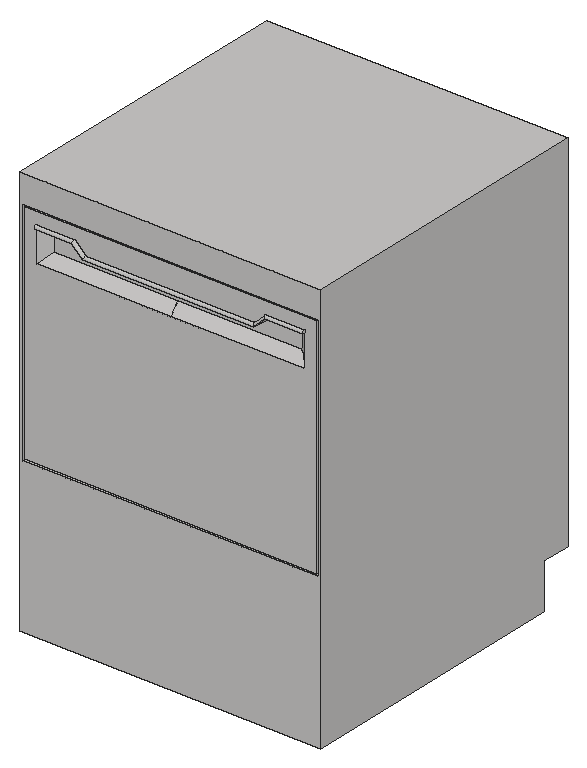
Revit family "QF_ELECTROLUXPROFESSIONAL_502703_ELAI3", category Specialty Equipment, Revit 2018
Family settings
  Round Connector Dimension = Use Diameter
  Part Type = Normal
  Work Plane-Based = No
  Always vertical = Yes
  Cut with Voids When Loaded = No
  Shared = No
  Room Calculation Point = No
Parameters
  Weight = 62.00 kg
  Watts = 0 W
  Volts = 0 V
  URL Manufacturer = ""
  URL = "http://professional.electrolux.com/"
  Steam Supply Size = 0 mm
  Steam Supply Minimum Pressure = 0.0 Pa
  Steam Supply Maximum Pressure = 0.0 Pa
  Steam Pounds per Hour = 0
  Show Logo [instance] = yes
  Show Clearance [instance] = yes
  Refrigeration Suction Line Size = 0 mm
  Refrigeration Liquid Line Size = 0 mm
  Refrigerant Compressor Remote = yes
  Manufacturer = ""
  Phase = 0
  Model = ""
  Length Actual = 600 mm  # constant formula
  Item Number = ""
  Hot Water Size = 0 mm
  Height Actual = 820 mm  # constant formula
  HP = "7.2 HP"
  Gas Size = 0 mm
  Gas KW = 0
  Gas Input Pressure = 0 W
  Direct Waste Size = 40 mm
  Description = ""
  Depth Actual = 615 mm  # constant formula
  Cycle = 0 Hz
  Condensate Return Size = 0 mm
  Compressed Air Volume = 0.0 L/s
  Compressed Air Size = 0 mm
  Compressed Air Pressure = 0.0 Pa
  Cold Water Size = 0 mm
  Accessory = yes
Types (2, lengths in mm): name | Volts | URL Manufacturer | URL | Manufacturer | Phase | Model | Item Number | Hot Water Size | Description | Cycle
  (no name) | 0 V | "" | "http://professional.electrolux.com/" | "" | 0 | "" | "" | 0 | "" | 0 Hz
  Standard | 400 V | "http://professional.electrolux.com" | "http://professional.electrolux.com" | "Electrolux Professional" | 3 | "ELAI3" | "502703" | 19.05 | "UNDERCOUNTER(L), WASH-SAFE, DOUBLE SKIN, 3PH, 720D/H" | 50 Hz
Reference planes
  plane 1 "Center (Front/Back)": y = 0
  plane 2: z = 0
  plane 3 "Center (Left/Right)": x = 0
  plane 4 "LEFT": x = -300
  plane 5 "RIGHT": x = 300
  plane 6 "FRONT": y = -307.5
  plane 7 "BACK": y = 307.5
  plane 8: z = 830
  plane 9: z = 10
  plane 10: y = 268.5
Forms (mm)
  Extrusion 1, solid, material "QF_Finishes_Stainless Steel"
    sketch origin (0, 0, 0) x (1, 0, 0) y (0, 1, 0)
      loop
        line (-300, -307.5) -> (300, -307.5) -> (300, 249.5) -> (-300, 249.5) -> (-300, -307.5)
    from 10 to 830
  Extrusion 2, solid, material "QF_Finishes_Stainless Steel"
    sketch origin (0, 0, 0) x (1, 0, 0) y (0, 1, 0)
      loop
        line (-300, 249.5) -> (300, 249.5) -> (300, 307.5) -> (-300, 307.5) -> (-300, 249.5)
    from 100 to 830
  Extrusion 3, solid, material "QF_Finishes_Stainless Steel"
    sketch origin (0, 0, 0) x (1, 0, 0) y (0, 1, 0)
      loop
        circle (-254, 193.5) r 12.5
      loop
        circle (254, 193.5) r 12.5
      loop
        circle (-254, -237.5) r 12.5
      loop
        circle (254, -237.5) r 12.5
    from 0 to 10
  Extrusion 4, void
    sketch origin (-300, -307.5, 0) x (-1, 0, 0) y (0, 0, 1)
      loop
        line (-5, 773.217) -> (-595, 773.217) -> (-595, 315.188) -> (-5, 315.188) -> (-5, 773.217)
    from 0 to 30
  Extrusion 5, solid, material "QF_Finishes_Stainless Steel"
    sketch origin (-274, -411, 733) x (0, 0, -1) y (1, 0, 0)
      loop
        circle (693, 143) r 10
    from -660.5 to -718.5
  Extrusion 6, solid, material "QF_Door-Drawer Clearances", visible <- "Show Clearance", detail levels coarse
    sketch origin (-230, -282.5, 0) x (0, 1, 0) y (0, 0, -1)
      loop
        line (-25, -319.312) -> (-397, -319.312)
        arc (-397, -319.312) -> (-298.139, -616.581) -> (-25, -770) r 434.302
        line (-25, -770) -> (-25, -319.312)
    from 61.225 to -521.647
  Extrusion 7, solid, material "QF_Finishes_Stainless Steel"
    sketch origin (-331.481, -411, 703) x (0, 0, -1) y (1, 0, 0)
      loop
        circle (663, 252.481) r 8
    from -660.5 to -718.5
  Extrusion 8, solid, material "QF_Finishes_Stainless Steel"
    sketch origin (-230, -282.5, 0) x (0, 1, 0) y (0, 0, -1)
      loop
        line (-25, -319.312) -> (-25, -770) -> (0, -770) -> (0, -319.312) -> (-25, -319.312)
    from 61.225 to -521.647
  Extrusion 9, solid, material "QF_Finishes_Stainless Steel"
    sketch origin (-301, 942.75, 760.5) x (0, -1, 0) y (1, 0, 0)
      loop
        circle (663, 158) r 8
    from -660.5 to -670.5
  Blend 10, void
    base sketch origin (-230, -307.5, 770) x (0, 0, -1) y (1, 0, 0)
      loop
        line (93.563, -37.311) -> (93.563, 230) -> (93.563, 497.311) -> (28.563, 497.311) -> (28.563, 422.311) -> (49.776, 401.098) -> (49.776, 230) -> (49.776, 58.902) -> (28.563, 37.689) -> (28.563, -37.311) -> (93.563, -37.311)
    top sketch origin (-230, -307.5, 770) x (0, 0, -1) y (1, 0, 0)
      loop
        line (73.563, -17.311) -> (73.563, 230) -> (73.563, 477.311) -> (31.063, 477.311) -> (31.063, 422.311) -> (52.276, 401.098) -> (52.276, 58.902) -> (31.063, 37.689) -> (31.063, -17.311) -> (73.563, -17.311)
    from 0 to -19.433
  Sweep 11, solid, material "QF_Finishes_Stainless Steel"
    path origin (-230, -307.5, 770) x (0, 0, -1) y (1, 0, 0)
      loop
        line (28.563, -37.311) -> (28.563, 37.689) -> (49.776, 58.902) -> (49.776, 401.098) -> (28.563, 422.311) -> (28.563, 497.311)
    profile origin (-229.811, -307.5, 741.437) x (0, 0, 1) y (0, -1, 0)
      loop
        line (0, 0) -> (5, 0)
        arc (5, 0) -> (3.536, 3.536) -> (0, 5) r 5
        arc (0, 5) -> (-0.037, 0.962) -> (-0.394, -3.06) r 51.04
        line (-0.394, -3.06) -> (0, 0)
Cuts and joins
  Extrusion 4 cuts Extrusion 1
  joined: Extrusion 1, Extrusion 2
  Blend 10 cuts Extrusion 8
Lines and regions (mm)
  Split face 1
    outline origin (-300, -307.5, 830) x (0, 0, -1) y (1, 0, 0)
      loop
        line (56.783, 5) -> (56.783, 0)
      loop
        line (56.783, 595) -> (56.783, 600)
      loop
        line (37.034, 600) -> (37.034, 514.297)
        arc (37.034, 514.297) -> (37.64, 511.25) -> (39.366, 508.667) r 7.962
        line (39.366, 508.667) -> (44.289, 503.744)
        arc (44.289, 503.744) -> (46.135, 500.982) -> (46.783, 497.723) r 8.515
        line (46.783, 497.723) -> (46.783, 87.277)
        arc (46.783, 87.277) -> (46.135, 84.018) -> (44.289, 81.256) r 8.515
        line (44.289, 81.256) -> (39.366, 76.333)
        arc (39.366, 76.333) -> (37.64, 73.75) -> (37.034, 70.703) r 7.962
        line (37.034, 70.703) -> (37.034, 0)
  Split face 2
    outline origin (-300, -307.5, 830) x (0, 0, -1) y (1, 0, 0)
      loop
        line (13.15, 274.82) -> (37.034, 274.82) -> (37.034, 325.18) -> (13.15, 325.18) -> (13.15, 274.82)
  symbolic lines
    curve 1: line (-300, 307.5, 0) -> (300, 307.5, 0)
    curve 2: line (-300, -307.5, 0) -> (-300, 307.5, 0)
    curve 3: line (300, -307.5, 0) -> (-300, -307.5, 0)
    curve 4: line (300, 307.5, 0) -> (300, -307.5, 0)
  symbolic lines, style "QF_Door-Drawer Clearances"
    curve 5: line (-291.225, -679.5, 0) -> (291.647, -679.5, 0)
    curve 6: line (291.647, -679.5, 0) -> (291.647, -307.5, 0)
    curve 7: line (-291.225, -679.5, 0) -> (-291.225, -307.5, 0)
  symbolic lines, style "SpecialityEquipmentHiddenLines"
    curve 8: line (-300, 249.5, 0) -> (300, 249.5, 0)
Dimensions and locks
  equal spacing: plane 4 "LEFT", plane 3 "Center (Left/Right)", plane 5 "RIGHT"
  equal spacing: plane 7 "BACK", plane 1 "Center (Front/Back)", plane 6 "FRONT"
  plane 7 "BACK" to plane 6 "FRONT" = 615 mm
  plane 4 "LEFT" to plane 5 "RIGHT" = 600 mm
  locked: plane 9 to level at 10
  plane 4 "LEFT" to plane 3 "Center (Left/Right)" = 300 mm
  plane 8 to level = 830 mm  (x2)
  Extrusion 9 sketch curve to plane 4 "LEFT" = 157 mm
  level to Extrusion 5 sketch curve = 40 mm
  Extrusion 5 sketch curve to plane 4 "LEFT" = 169 mm
  Extrusion 7 sketch curve to plane 4 "LEFT" = 221 mm
  level to Extrusion 7 sketch curve = 40 mm
  Extrusion 3 to cut or joined group of Extrusion 1, Extrusion 2, Extrusion 4 = 114 mm
  Extrusion 3 to Extrusion 3 = 431 mm
  plane 6 "FRONT" to Extrusion 3 = 70 mm
  plane 1 "Center (Front/Back)" to plane 6 "FRONT" = 307.5 mm
  locked: plane 7 "BACK" to plane 10 at 39
  plane 7 "BACK" to curve 5 = 987 mm
  Extrusion 8 to cut or joined group of Extrusion 1, Extrusion 2, Extrusion 4 = 454.812 mm
  aligned and locked: level to plane 2
  aligned and locked: Extrusion 1 sketch curve to plane 6 "FRONT"
  aligned and locked: Extrusion 1 sketch curve to plane 4 "LEFT"
  aligned and locked: plane 5 "RIGHT" to Extrusion 1 sketch curve
  aligned and locked: Extrusion 1 to plane 9
  aligned and locked: Extrusion 2 sketch curve to Extrusion 1
  aligned and locked: plane 7 "BACK" to Extrusion 2 sketch curve
  aligned and locked: plane 5 "RIGHT" to Extrusion 2 sketch curve
  aligned and locked: plane 9 to Extrusion 3
Automatic sketch dimensions
  Extrusion 1 sketch curve to plane 10 = 19 mm
  Extrusion 2 sketch curve to plane 10 = 19 mm
  plane 4 "LEFT" to Extrusion 3 sketch curve = 46 mm  (x2)
  Extrusion 3 sketch curve to plane 5 "RIGHT" = 46 mm  (x2)
  plane 6 "FRONT" to Extrusion 3 sketch curve = 70 mm  (x2)
  Extrusion 3 sketch curve to plane 10 = 75 mm  (x2)
  Extrusion 4 sketch curve to Extrusion 1 = 5 mm  (x2)
  Extrusion 4 sketch curve to Extrusion 1 = 305.188 mm
  Extrusion 4 sketch curve to Extrusion 1 = 56.783 mm
  Extrusion 8 sketch curve to plane 6 "FRONT" = 0 mm
  Extrusion 8 sketch curve to Extrusion 8 sketch curve = 25 mm
  Extrusion 8 sketch curve to plane 8 = 60 mm
  plane 9 to Extrusion 8 sketch curve = 309.312 mm
  cut or joined group of Extrusion 1, Extrusion 2, Extrusion 4 to Split face 1 sketch curve = 0 mm  (x2)
  Split face 1 sketch curve to cut or joined group of Extrusion 1, Extrusion 2, Extrusion 4 = 0 mm  (x6)
  cut or joined group of Extrusion 1, Extrusion 2, Extrusion 4 to Split face 1 sketch curve = 10 mm
  Split face 1 sketch curve to Split face 1 sketch curve = 2.494 mm  (x2)
  Split face 1 sketch curve to Split face 1 sketch curve = 8.515 mm  (x2)
  cut or joined group of Extrusion 1, Extrusion 2, Extrusion 4 to Split face 1 sketch curve = 11.786 mm  (x2)
  Split face 1 sketch curve to Split face 1 sketch curve = 5.63 mm  (x2)
  Split face 1 sketch curve to Split face 1 sketch curve = 2.332 mm  (x2)
  Split face 1 sketch curve to cut or joined group of Extrusion 1, Extrusion 2, Extrusion 4 = 65.703 mm
  Split face 1 sketch curve to Split face 1 sketch curve = 4.923 mm  (x2)
  Split face 1 sketch curve to cut or joined group of Extrusion 1, Extrusion 2, Extrusion 4 = 97.277 mm
  Split face 2 sketch curve to cut or joined group of Extrusion 1, Extrusion 2, Extrusion 4 = 13.15 mm
  cut or joined group of Extrusion 1, Extrusion 2, Extrusion 4 to Split face 2 sketch curve = 19.749 mm
  Split face 2 sketch curve to cut or joined group of Extrusion 1, Extrusion 2, Extrusion 4 = 269.82 mm
  Split face 2 sketch curve to Split face 2 sketch curve = 50.359 mm
  curve 1 to plane 4 "LEFT" = 0 mm
  curve 7 to plane 6 "FRONT" = 0 mm
  curve 4 to plane 5 "RIGHT" = 0 mm
  curve 8 to plane 10 = 19 mm
  curve 2 to plane 7 "BACK" = 0 mm
  plane 4 "LEFT" to curve 5 = 8.775 mm
  curve 6 to plane 5 "RIGHT" = 8.353 mm
  Extrusion 6 sketch curve to plane 6 "FRONT" = 0 mm
  plane 6 "FRONT" to Extrusion 6 sketch curve = 61.803 mm
  plane 9 to Extrusion 6 sketch curve = 330.118 mm
  Extrusion 6 sketch curve to Extrusion 6 sketch curve = 20.806 mm
  Extrusion 6 sketch curve to plane 6 "FRONT" = 372 mm
  Blend 10 sketch curve to Extrusion 8 = 28.563 mm  (x2)
  Blend 10 sketch curve to Extrusion 8 = 49.776 mm
  Blend 10 sketch curve to Blend 10 sketch curve = 65 mm
  Extrusion 8 to Blend 10 sketch curve = 23.913 mm
  Blend 10 sketch curve to Blend 10 sketch curve = 75 mm  (x2)
  Blend 10 sketch curve to Blend 10 sketch curve = 21.213 mm  (x5)
  Blend 10 sketch curve to Blend 10 sketch curve = 171.098 mm  (x2)
  Blend 10 sketch curve to Blend 10 sketch curve = 0 mm
  Extrusion 8 to Blend 10 sketch curve = 120.549 mm
  Extrusion 8 to Blend 10 sketch curve = 99.335 mm
  Extrusion 8 to Blend 10 sketch curve = 43.913 mm
  Blend 10 sketch curve to Blend 10 sketch curve = 42.5 mm
  Extrusion 8 to Blend 10 sketch curve = 44.335 mm
  Blend 10 sketch curve to Blend 10 sketch curve = 55 mm  (x2)
  Blend 10 sketch curve to Extrusion 8 = 31.063 mm
  Extrusion 8 to Sweep 11 sketch curve = 98.913 mm
  Sweep 11 sketch curve to Sweep 11 sketch curve = 21.213 mm  (x4)
  Extrusion 8 to Sweep 11 sketch curve = 23.913 mm
  Sweep 11 sketch curve to Extrusion 8 = 28.563 mm
  Extrusion 8 to Sweep 11 sketch curve = 99.335 mm
  Extrusion 8 to Sweep 11 sketch curve = 24.335 mm
  profile plane to Sweep 11 sketch curve = 0 mm  (x2)
  Sweep 11 sketch curve to profile plane = 0 mm
  profile plane to Sweep 11 sketch curve = 3.452 mm
  Sweep 11 sketch curve to Sweep 11 sketch curve = 5 mm
  profile plane to Sweep 11 sketch curve = 0.394 mm
  Sweep 11 sketch curve to profile plane = 3.06 mm
  plane 10 to Extrusion 9 sketch curve = 11.25 mm
  radius of Extrusion 3 sketch curve = 12.5 mm  (x4)
  radius of Extrusion 5 sketch curve = 10 mm
  radius of Extrusion 7 sketch curve = 8 mm
  radius of Extrusion 9 sketch curve = 8 mm
Connectors
  piping at (-131, 307.5, 40), diameter 20
    settings: on Extrusion 5, index 1, connector inside diameter 609.6 mm, connector length 0 mm, flow factor 0, pipe flow 0.0 L/s, pressure drop 0.0 Pa, fitting loss kfactor 0, connector angle 0.00°, fixture units 0, engagement length 0 mm, angle of deflection 0.00°, flow configuration 1, flow direction 1, fitting loss method 0, system type 16, joint type 0, gender type 0, connector reference index -1, connector utility 0, adjustable connector no, is connector primary yes, connector description "Drain"
  piping at (-79, 307.5, 40), diameter 16
    settings: on Extrusion 7, index 3, connector inside diameter 609.6 mm, connector length 0 mm, flow factor 0, pipe flow 0.0 L/s, pressure drop 0.0 Pa, fitting loss kfactor 0, connector angle 0.00°, fixture units 0, engagement length 0 mm, angle of deflection 0.00°, flow configuration 1, flow direction 1, fitting loss method 0, system type 20, joint type 0, gender type 0, connector reference index -1, connector utility 0, adjustable connector no, is connector primary no, connector description "Cold Water Inlet"
  electrical at (-143, 279.75, 90), driven by "Volts"
    settings: on Extrusion 9, index 4, voltage 0 V, apparent load 0 VA, apparent load phase1 0 VA, apparent load phase2 0 VA, apparent load phase3 0 VA, power factor 1, load classification "Altro", number of poles 1, system type 31, power factor state 1, is connector primary yes, connector utility no, sub classification motor no, connector description "Electrical Connection"
